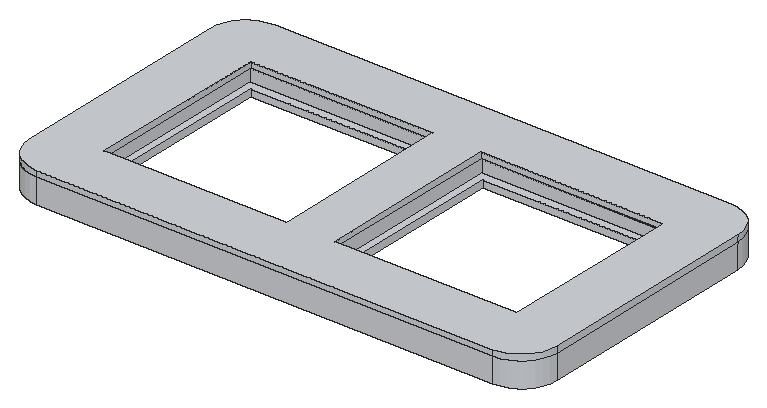
Revit family "Gira_0212412", category Electrical Fixtures, host Face, Revit 2017
Family settings
  Host = Face
  Maintain Annotation Orientation = No
  Round Connector Dimension = Use Diameter
  Part Type = Normal
  Cut with Voids When Loaded = No
  Shared = No
  Room Calculation Point = No
Parameters (values of type "Abdeckrahmen 2f Gira E3 Grau/Reinweiß")
  Werkstoffgüte = "sonstige"
  Werkstoff = "sonstige"
  URL = "http://katalog.gira.de/de_DE/datenblatt.html?artikelnr=0212412"
  Transparent = "No"
  Textfeld/Beschriftungsfläche = "No"
  Schutzart (IP) = "IP20"
  Region = "DE"
  Oberfläche = "sonstige"
  Name = "Abdeckrahmen 2f Gira E3 Grau/Reinweiß"
  Montagerichtung = "horizontal und vertikal"
  Mit Montagerahmen = "No"
  Mit Klappdeckel = "No"
  Manufacturer URL = "https://www.gira.de/"
  Keynote = "E3_Rahmen_2fach"
  HeinzeBIM = "https://bimportal.heinze.de/bim/abdeckrahmen-2f-gira-e3-grau-reinweiss/b977a648bf67bcb3da162f40bb14c65ba7941ad5"
  Halogenfrei = "Yes"
  HAN = "0212412"
  Geeignet für Unterputz-Installation = "Yes"
  Geeignet für Unterflurkanaldose = "No"
  Geeignet für Geräteeinbaukanal = "No"
  Geeignet für Einbauinstallation = "No"
  GTIN = "4010337023906"
  Farbe = "grau"
  Default Elevation = 1219.2 mm
  Data sheet (1) = "https://katalog.gira.de/de_DE/download.html?artikelnr=0212412"
  Category = "Abdeckrahmen"
  Befestigungsart = "Klemmbefestigung"
  Available = "Yes"
  Anzahl der Einheiten vertikal = "2 "
  Anzahl der Einheiten horizontal = "2 "
  Anzahl der Einheiten = "2 "
Reference planes
  plane 1 "Center (Front/Back)": y = 0
  plane 2: z = 0
  plane 3 "Center (Left/Right)": x = 0
Forms (mm)
  Extrusion 1, solid, detail levels fine
    sketch origin (0, 0, 0) x (1, 0, 0) y (0, 1, 0)
      loop
        arc (-70.35, 45.809) -> (-78.134, 42.585) -> (-81.359, 34.8) r 11.009
        line (-81.359, 34.8) -> (-81.359, -34.8)
        arc (-81.359, -34.8) -> (-78.134, -42.585) -> (-70.35, -45.809) r 11.009
        line (-70.35, -45.809) -> (70.35, -45.809)
        arc (70.35, -45.809) -> (78.135, -42.585) -> (81.359, -34.8) r 11.009
        line (81.359, -34.8) -> (81.359, 34.8)
        arc (81.359, 34.8) -> (78.135, 42.585) -> (70.35, 45.809) r 11.009
        line (70.35, 45.809) -> (-70.35, 45.809)
      loop
        line (-7.45, 28.187) -> (-63.706, 28.187) -> (-63.706, -28.187) -> (-7.45, -28.187) -> (-7.45, 28.187)
      loop
        line (7.45, 28.187) -> (7.45, -28.187) -> (63.706, -28.187) -> (63.706, 28.187) -> (7.45, 28.187)
    from 7.65 to 9.5
  Extrusion 2, solid, detail levels fine
    sketch origin (-35.75, 0, 0) x (1, 0, 0) y (0, 1, 0)
      loop
        line (25.7, 25.7) -> (-25.7, 25.7) -> (-25.7, -25.7) -> (25.7, -25.7) -> (25.7, 25.7)
      loop
        line (-28.187, -28.156) -> (28.187, -28.156) -> (28.187, 28.156) -> (-28.187, 28.156) -> (-28.187, -28.156)
    from 1.65 to 3.9
  Extrusion 3, solid, detail levels fine
    sketch origin (0, 0, 0) x (1, 0, 0) y (0, 1, 0)
      loop
        arc (-70.35, 45.809) -> (-78.134, 42.585) -> (-81.359, 34.8) r 11.009
        line (-81.359, 34.8) -> (-81.359, -34.8)
        arc (-81.359, -34.8) -> (-78.134, -42.585) -> (-70.35, -45.809) r 11.009
        line (-70.35, -45.809) -> (70.35, -45.809)
        arc (70.35, -45.809) -> (78.135, -42.585) -> (81.359, -34.8) r 11.009
        line (81.359, -34.8) -> (81.359, 34.8)
        arc (81.359, 34.8) -> (78.135, 42.585) -> (70.35, 45.809) r 11.009
        line (70.35, 45.809) -> (-70.35, 45.809)
      loop
        line (-79.393, 34.785) -> (-79.393, -34.785)
        arc (-79.393, -34.785) -> (-76.739, -41.19) -> (-70.334, -43.843) r 9.058
        line (-70.334, -43.843) -> (70.335, -43.843)
        arc (70.335, -43.843) -> (76.74, -41.19) -> (79.393, -34.785) r 9.058
        line (79.393, -34.785) -> (79.393, 34.785)
        arc (79.393, 34.785) -> (76.74, 41.19) -> (70.335, 43.843) r 9.058
        line (70.335, 43.843) -> (-70.334, 43.843)
        arc (-70.334, 43.843) -> (-76.739, 41.19) -> (-79.393, 34.785) r 9.058
    from 0 to 7.65
  Extrusion 4, solid, detail levels fine
    sketch origin (0, 0, 0) x (1, 0, 0) y (0, 1, 0)
      loop
        line (-62.956, -31.075) -> (62.956, -31.075)
        arc (62.956, -31.075) -> (65.599, -29.98) -> (66.694, -27.337) r 3.739
        line (66.694, -27.337) -> (66.694, 27.337)
        arc (66.694, 27.337) -> (65.599, 29.98) -> (62.956, 31.075) r 3.739
        line (62.956, 31.075) -> (-62.956, 31.075)
        arc (-62.956, 31.075) -> (-65.599, 29.98) -> (-66.694, 27.337) r 3.739
        line (-66.694, 27.337) -> (-66.694, -27.337)
        arc (-66.694, -27.337) -> (-65.599, -29.98) -> (-62.956, -31.075) r 3.739
      loop
        line (-65.544, 27.537) -> (-65.544, -27.537)
        arc (-65.544, -27.537) -> (-64.845, -29.226) -> (-63.156, -29.925) r 2.389
        line (-63.156, -29.925) -> (63.156, -29.925)
        arc (63.156, -29.925) -> (64.845, -29.226) -> (65.544, -27.537) r 2.389
        line (65.544, -27.537) -> (65.544, 27.537)
        arc (65.544, 27.537) -> (64.845, 29.226) -> (63.156, 29.925) r 2.389
        line (63.156, 29.925) -> (-63.156, 29.925)
        arc (-63.156, 29.925) -> (-64.845, 29.226) -> (-65.544, 27.537) r 2.389
    from 1.65 to 7.65
  Extrusion 5, solid, detail levels fine
    sketch origin (0, 0, 0) x (1, 0, 0) y (0, 1, 0)
      loop
        line (-67.617, -39.8) -> (67.617, -39.8)
        arc (67.617, -39.8) -> (73.232, -36.708) -> (75.464, -30.7) r 9.2
        line (75.464, -30.7) -> (75.464, 30.7)
        arc (75.464, 30.7) -> (72.77, 37.205) -> (66.264, 39.9) r 9.2
        line (66.264, 39.9) -> (-66.264, 39.9)
        arc (-66.264, 39.9) -> (-72.77, 37.205) -> (-75.464, 30.7) r 9.2
        line (-75.464, 30.7) -> (-75.464, -30.7)
        arc (-75.464, -30.7) -> (-73.232, -36.708) -> (-67.617, -39.8) r 9.2
      loop
        line (-66.264, -31.7) -> (66.264, -31.7)
        arc (66.264, -31.7) -> (66.972, -31.407) -> (67.264, -30.7) r 1
        line (67.264, -30.7) -> (67.264, 30.7)
        arc (67.264, 30.7) -> (66.972, 31.407) -> (66.264, 31.7) r 1
        line (66.264, 31.7) -> (-66.264, 31.7)
        arc (-66.264, 31.7) -> (-66.972, 31.407) -> (-67.264, 30.7) r 1
        line (-67.264, 30.7) -> (-67.264, -30.7)
        arc (-67.264, -30.7) -> (-66.972, -31.407) -> (-66.264, -31.7) r 1
    from 1.65 to 3.9
  Extrusion 6, solid, detail levels fine
    sketch origin (-35.75, 0, 0) x (1, 0, 0) y (0, 1, 0)
      loop
        line (-28.187, 28.156) -> (-28.187, -28.156) -> (28.187, -28.156) -> (28.187, 28.156) -> (-28.187, 28.156)
      loop
        line (-29.925, 29.925) -> (-29.925, -29.925) -> (29.925, -29.925) -> (29.925, 29.925) -> (-29.925, 29.925)
    from 1.65 to 7.65
  Extrusion 7, solid, detail levels coarse+medium
    sketch origin (0, 0, 0) x (1, 0, 0) y (0, 1, 0)
      loop
        line (-81.359, 45.809) -> (-81.359, -45.809) -> (81.359, -45.809) -> (81.359, 45.809) -> (-81.359, 45.809)
    from 0 to 9.5
  Extrusion 8, solid, detail levels fine
    sketch origin (35.75, 0, 0) x (-1, 0, 0) y (0, -1, 0)
      loop
        line (25.7, -25.7) -> (25.7, 25.7) -> (-25.7, 25.7) -> (-25.7, -25.7) -> (25.7, -25.7)
      loop
        line (-28.187, 28.156) -> (-28.187, -28.156) -> (28.187, -28.156) -> (28.187, 28.156) -> (-28.187, 28.156)
    from 1.65 to 3.9
  Extrusion 9, solid, detail levels fine
    sketch origin (35.75, 0, 0) x (-1, 0, 0) y (0, -1, 0)
      loop
        line (-28.187, -28.156) -> (28.187, -28.156) -> (28.187, 28.156) -> (-28.187, 28.156) -> (-28.187, -28.156)
      loop
        line (-29.925, -29.925) -> (29.925, -29.925) -> (29.925, 29.925) -> (-29.925, 29.925) -> (-29.925, -29.925)
    from 1.65 to 7.65
Dimensions and locks
  aligned and locked: plane 2 to host face
  aligned and locked: level to host face
